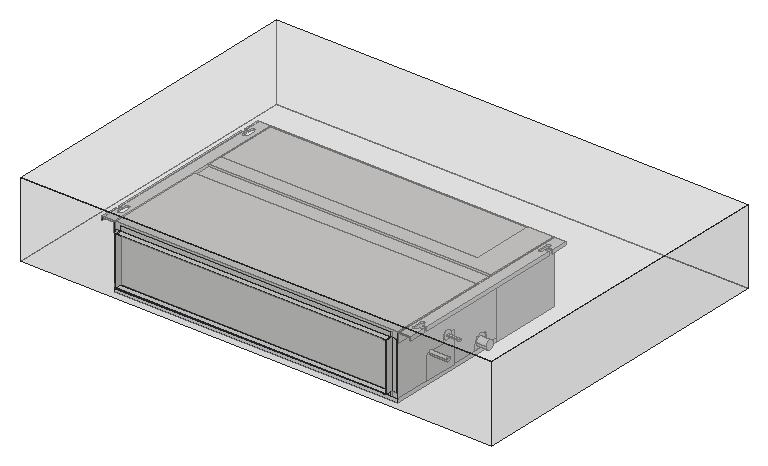
Revit family "outputfile", category 機械設備, Revit 2024
Family settings
  丸型コネクタ寸法 = 半径を使用
  パーツ タイプ = 標準
  OmniClass 番号 = 23.75.10.24.21.27.27
  OmniClass タイトル = Split System Air Conditioning Units
  作業面ベース = いいえ
  常に垂直 = はい
  ロード時にボイドで切り取り = いいえ
  注釈の向きを維持 = いいえ
  共有 = いいえ
  部屋計算ポイント = はい
Parameters (values of type "FXDQ50NDVT4")
  Description = ""
  製造元 = "Daikin"
  書き出し IFC クラス(タイプ) = "IfcUnitaryEquipmentType"
  定義済み IFC タイプ(タイプ) = "AIRCONDITIONINGUNIT"
  Cost = 0
  モデル = "FXDQ50NDVT4"
  Type Comments = ""
  Keynote = ""
  Type Image = (empty or 0)
  Assembly Code = ""
  w_pipe = 33.0 mm
  r_Liquid Pipe Size = Liquid Pipe Size / 2  # 3.2 mm
  r_Gas Pipe Size = Gas Pipe Size / 2  # 6.35 mm
  r_Drain Pipe Size = Drain Pipe Size / 2  # 10.0 mm
  lw_powersupply = 404.0 mm
  lw_ductflange2 = 820.0 mm
  lw_Width = 860.0 mm
  lh_suctionflange [instance] = if(Rear Connection_Return Air, 100.0 mm + [h***], 190.0 mm + [h***])  # 100.0 mm
  ld_suctionflange [instance] = if(Rear Connection_Return Air, 190.0 mm, 100.0 mm)  # 190.0 mm
  ld_powersupply = 60.0 mm
  angle_vertical_RA [instance] = if(Rear Connection_Return Air, 90.00°, 0.00°)  # 90.00°
  angle horizontal_RA [instance] = if(Rear Connection_Return Air, 180.00°, 270.00°)  # 180.00°
  Voltage_comment_60Hz = "220"
  Voltage_comment_50Hz = "220-240"
  Voltage_60Hz = 220 V
  Voltage_50Hz = 220 V
  URL = ""
  Supply Air Direction [instance] = yes
  Sound Power Level_H speed (dB) = 58
  Rear Connection_Return Air [instance] = not(Bottom Connection_Return Air)  # yes
  RA_length = 190.0 mm  # constant formula
  Phase_60Hz = 1
  Phase_50Hz = 1
  Minimum External Static Pressure = 15.00 Pa
  Minimum Circuit Amps_60Hz = 1.3 A
  Minimum Circuit Amps_50Hz = 1.0 A
  Maximum Fuse Amps_60Hz = 16.0 A
  Maximum Fuse Amps_50Hz = 16.0 A
  Maximum External Static Pressure = 44.00 Pa
  Material_Casing = DAIKIN_GalvanizedSteel_Casing_indoorunit
  lw_liquidpipe = 46.0 mm  # constant formula
  lw_gaspipe = 57.0 mm  # constant formula
  lw_mountinghole_pitch = 940.0 mm
  lw_mountinghole = 20.0 mm  # constant formula
  lw_drainpipe = 33.0 mm  # constant formula
  lh_powersupply = 10.0 mm
  lh_liquidpipe = 110.0 mm
  lh_gaspipe = 87.0 mm
  lh_mountinghole = Height + [h***]  # 200.0 mm
  lh_drainpipe = 150.0 mm
  lh_antena = 1.0 mm  # constant formula
  ld_liquidpipe = 193.0 mm  # constant formula
  ld_gaspipe = 130.0 mm  # constant formula
  ld_mountinghole_pitch = 0.0 mm  # constant formula
  ld_drainpipe = 280.0 mm
  ld_controlbox = 626.0 mm  # constant formula
  h*** = 0.0 mm  # constant formula
  d_dischargeflange = 21.2 mm  # constant formula
  Width = 900.0 mm
  Version = "ver.1.0"
  Unit Type = "Slim Duct (Standard) Type"
  Unit Mass Weight = 28.00 kg
  Unit Designation [instance] = ""
  Uniclass2015Version = "Products v1.30"
  Uniclass2015Title = "Variable refrigerant flow units"
  Uniclass2015Code = "Pr_70_65_03_94"
  Total Heating Capacity [instance] = 0.000 kW
  Total Cooling Capacity [instance] = 0.000 kW
  Sound Pressure Level_M speed (dBA) = 0
  Sound Pressure Level_L speed (dBA) = 27
  Sound Pressure Level_H speed (dBA) = 33
  Series = "VRV Fan Coil Unit"
  Sensible Cooling Capacity [instance] = 0.000 kW
  SA Duct Size Width = 860.0 mm
  SA Duct Size Height = 153.0 mm
  Refrigerant Type = "R410A"
  RA Duct Size Width = 800.0 mm
  RA Duct Size Height = 180.0 mm
  Power Input (Heating) = 0.152 kW
  Power Input (Cooling) = 0.152 kW
  Option Accessory 3 [instance] = ""
  Option Accessory 2 [instance] = ""
  Option Accessory 1 [instance] = ""
  Nominal Heating Capacity = 6.300 kW
  Nominal Cooling Capacity = 5.600 kW
  Minimum Airflow = 600.00 m³/h
  Median Airflow = 660.00 m³/h
  Maximum Airflow = 750.00 m³/h
  Load Classification = HVAC
  Liquid Pipe Size = 6.4 mm
  Link_Nested Family [instance] = ""
  IfcVersion = "0"
  IfcExportType = "AIRCONDITIONINGUNIT"
  IfcExportAs = "IfcUnitaryEquipmentType"
  Height = 200.0 mm
  Heating Entering Wet Bulb Temperature [instance] = 0.00 °C
  Heating Entering Dry Bulb Temperature [instance] = 0.00 °C
  Heating Ambient Wet Bulb Temperature [instance] = 0.00 °C
  Heating Ambient Dry Bulb Temperature [instance] = 0.00 °C
  Heat Exchanger Type = "Cross Fin Coil"
  Gas Pipe Size = 12.7 mm
  Frequency_60Hz = 60 Hz
  Frequency_50Hz = 50 Hz
  Fan Type = "Sirocco Fan"
  Fan Drive = "Direct Drive"
  FCU Tag No. [instance] = ""
  Drain Pipe Size = 20.0 mm
  Design Supply Airflow [instance] = 0.00 m³/h
  Design Return Airflow [instance] = 0.00 m³/h
  Design External Static Pressure [instance] = 0.00 Pa
  Depth = 620.0 mm
  既定の高さ = 0.0 mm
  Cooling Entering Wet Bulb Temperature [instance] = 0.00 °C
  Cooling Entering Dry Bulb Temperature [instance] = 0.00 °C
  Cooling Ambient Wet Bulb Temperature [instance] = 0.00 °C
  Cooling Ambient Dry Bulb Temperature [instance] = 0.00 °C
  Clearance visibility [instance] = yes
  Clearance Top = 20.0 mm
  Clearance Right = 300.0 mm
  Clearance Rear = 400.0 mm
  Clearance Left = 300.0 mm
  Clearance Front = 0.0 mm
  Clearance Bottom = 20.0 mm
  Bottom Connection_Return Air [instance] = no
Reference planes
  plane 1 "Center (Front/Back)": y = 0
  plane 2: z = 0
  plane 3 "Center (Left/Right)": x = 0
  plane 4 "Back": y = 310
  plane 5 "Front": y = -310
  plane 6 "Left": x = -450
  plane 7 "Right": x = 450
  plane 8 "Top": z = 0
  plane 9 "Bottom": z = -200
  plane 10: x = 330
  plane 11: x = -330
  plane 12: z = -190
  plane 13: z = -6
  plane 14: z = -22
  plane 15: z = -90
  plane 16: z = -113
  plane 17: x = -304
  plane 18: x = 304
  plane 19: x = -470
  plane 20: x = 470
  plane 21: y = 250
  plane 22: y = 250
  plane 23: x = -490
  plane 24: x = 390
  plane 25: x = 496
  plane 26: x = 507
  plane 27: x = 483
  plane 28: z = 0
  plane 29: z = -50
  plane 30 "Clearance Left": x = -750
  plane 31 "Clearance Right": x = 750
  plane 32 "Clearance Rear": y = 710
  plane 33 "Clearance Front": y = -310
  plane 34 "Clearance Top": z = 20
  plane 35 "Clearance Bottom": z = -220
  plane 36: z = -21
  plane 37: z = -170
  plane 38: z = -96.5
  plane 39: x = -40
  plane 40: y = -180
  plane 41: y = -117
  plane 42: y = -30
  plane 43: y = 20
  plane 44: z = -97.5
  plane 45: y = -309
  plane 46: x = -449
  plane 47: z = -100
  plane 48: z = -30
  plane 49: y = 210
  plane 50: z = 301
  plane 51: z = -199
  plane 52: y = 120
  plane 53: z = -101
  plane 54: x = 480
  plane 55: x = 445
  plane 56: x = 455
  plane 57: x = 451
  plane 58: x = 369
  plane 59: x = 449.004
  plane 60: x = -449
  plane 61: x = 404
  plane 62: z = -189
  plane 63: z = 102.5
Forms (mm)
  Extrusion 1, solid
    sketch origin (0, 0, 0) x (1, 0, 0) y (0, 0, 1)
      loop
        line (-450, -190) -> (-450, -200) -> (450, -200) -> (450, -190) -> (-450, -190)
    from -84 to 310
  Extrusion 2, solid, material "DAIKIN_GalvanizedSteel_Casing_indoorunit" <- "Material_Casing"
    sketch origin (0, 0, 0) x (1, 0, 0) y (0, 1, 0)
      loop
        line (-450, -309) -> (450, -309) -> (450, 310) -> (-450, 310) -> (-450, -309)
    from -200 to 0
  Extrusion 3, void
    sketch origin (0, 0, 1) x (1, 0, 0) y (0, 1, 0)
      loop
        line (-450, 62.179) -> (-450, 4.179) -> (450, 4.179) -> (450, 62.179) -> (-450, 62.179)
    from -1 to -7
  Extrusion 4, void
    sketch origin (0, 0, 0) x (0, 1, 0) y (0, 0, 1)
      loop
        line (-5, -190) -> (45, -190) -> (45, -170)
        arc (45, -170) -> (20, -145) -> (-5, -170) r 25
        line (-5, -170) -> (-5, -190)
    from 450 to 445
  Revolve 5, solid, material "DAIKIN_GalvanizedSteel_Casing_indoorunit" <- "Material_Casing"
    sketch origin (0, 0, -113) x (0, -1, 0) y (1, 0, 0)
      loop
        line (173.65, 451) -> (180, 451) -> (180, 507) -> (173.65, 507) -> (173.65, 451)
      axis (180, 451) -> (180, 507)
    angle from 0 to 360
  Revolve 6, solid, material "DAIKIN_GalvanizedSteel_Casing_indoorunit" <- "Material_Casing"
    sketch origin (0, 0, -90) x (0, -1, 0) y (1, 0, 0)
      loop
        line (117, 451) -> (117, 496) -> (113.8, 496) -> (113.8, 451) -> (117, 451)
      axis (117, 496) -> (117, 451)
    angle from 0 to 360
  Extrusion 7, solid, material "DAIKIN_GalvanizedSteel_Casing_indoorunit" <- "Material_Casing"
    sketch origin (0, 0, 0) x (0, 1, 0) y (0, 0, 1)
      loop
        circle (-116, -90) r 12.7
    from 450 to 455
  Extrusion 8, solid, material "DAIKIN_GalvanizedSteel_Casing_indoorunit" <- "Material_Casing"
    sketch origin (0, 0, 0) x (0, 1, 0) y (0, 0, 1)
      loop
        circle (20, -170) r 13
    from 480 to 445
  Extrusion 9, solid, material "DAIKIN_GalvanizedSteel_Casing_indoorunit" <- "Material_Casing"
    sketch origin (0, 0, 0) x (1, 0, 0) y (0, 0, 1)
      loop
        line (-450, -190) -> (-450, -200) -> (450, -200) -> (450, -190) -> (-450, -190)
    from -84 to 310
  Extrusion 10, solid, material "DAIKIN_GalvanizedSteel_Casing_indoorunit" <- "Material_Casing", visible <- "Bottom Connection_Return Air"
    sketch origin (0, 0, 0) x (1, 0, 0) y (0, 0, 1)
      loop
        line (369, -200) -> (369, -1) -> (-449, -1) -> (-449, -200) -> (369, -200)
    from -310 to -309
  Extrusion 11, void
    sketch origin (0, 0, 0) x (1, 0, 0) y (0, 0, 1)
      loop
        line (369, 0) -> (-449, 0) -> (-449, -1) -> (369, -1) -> (369, 0)
    from -310 to -111
  Extrusion 12, solid, material "DAIKIN_GalvanizedSteel_Casing_indoorunit" <- "Material_Casing", visible <- "Rear Connection_Return Air"
    sketch origin (0, 0, 0) x (1, 0, 0) y (0, 1, 0)
      loop
        line (-449, 310) -> (-449, 111) -> (369, 111) -> (369, 310) -> (-449, 310)
    from -200 to -199
  Extrusion 13, solid, material "DAIKIN_GalvanizedSteel_Casing_indoorunit" <- "Material_Casing"
    sketch origin (0, 0, 0) x (0, 1, 0) y (0, 0, 1)
      loop
        line (-194, -113) -> (-194, -190) -> (-88.3, -190) -> (-88.3, -90) -> (-103.3, -90)
        arc (-103.3, -90) -> (-116, -102.7) -> (-128.7, -90) r 12.7
        line (-128.7, -90) -> (-128.7, -113) -> (-173.65, -113)
        arc (-173.65, -113) -> (-180, -119.35) -> (-186.35, -113) r 6.35
        line (-186.35, -113) -> (-194, -113)
    from 451 to 450
  Extrusion 14, solid, material "DAIKIN_GalvanizedSteel_Casing_indoorunit" <- "Material_Casing"
    sketch origin (0, 0, 0) x (0, 1, 0) y (0, 0, 1)
      loop
        line (84, -199) -> (310, -199) -> (310, -22) -> (91, -22) -> (84, -29) -> (84, -199)
    from 451 to 450
Cuts and joins
  Extrusion 3, Extrusion 4, Extrusion 11 cuts Extrusion 2
  Extrusion 4 cuts Extrusion 1
  Extrusion 11 cuts Extrusion 9
Dimensions and locks
  "lh_powersupply": plane 12 to plane 9 "Bottom"
  locked: plane 8 "Top" to plane 13 at 6
  "Height": plane 8 "Top" to plane 9 "Bottom"
  equal spacing: plane 17, plane 3 "Center (Left/Right)", plane 18, locked at 304 each
  locked: plane 17 to plane 18 at 608
  equal spacing: plane 19, plane 3 "Center (Left/Right)", plane 20
  "lw_mountinghole_pitch": plane 19 to plane 20
  locked: plane 14 to plane 9 "Bottom" at 178
  "lw_mountinghole": plane 23 to plane 19
  "lh_liquidpipe": plane 15 to plane 9 "Bottom"
  "lh_gaspipe": plane 16 to plane 9 "Bottom"
  "lh_mountinghole": plane 28 to plane 9 "Bottom"
  "ld_mountinghole_pitch": plane 22 to plane 21
  equal spacing: plane 6 "Left", plane 3 "Center (Left/Right)", plane 7 "Right"
  "Width": plane 6 "Left" to plane 7 "Right"
  "lh_drainpipe": plane 29 to plane 9 "Bottom"
  "Clearance Right": plane 7 "Right" to plane 31 "Clearance Right"
  "Clearance Left": plane 30 "Clearance Left" to plane 6 "Left"
  "lw_gaspipe": plane 7 "Right" to plane 26
  "lw_liquidpipe": plane 7 "Right" to plane 25
  "lw_drainpipe": plane 7 "Right" to plane 27
  "Clearance Rear": plane 32 "Clearance Rear" to plane 4 "Back"
  "Clearance Front": plane 5 "Front" to plane 33 "Clearance Front"
  "Clearance Top": plane 34 "Clearance Top" to plane 8 "Top"
  "Clearance Bottom": plane 9 "Bottom" to plane 35 "Clearance Bottom"
  "ld_powersupply": plane 4 "Back" to plane 22
  locked: plane 8 "Top" to plane 36 at 21
  locked: plane 8 "Top" to plane 37 at 170
  locked: plane 40 to plane 41 at 63
  locked: plane 38 to plane 9 "Bottom" at 103.5
  locked: plane 36 to plane 44 at 76.5
  "Depth": plane 4 "Back" to plane 5 "Front"
  equal spacing: plane 4 "Back", plane 1 "Center (Front/Back)", plane 5 "Front"
  locked: plane 45 to plane 5 "Front" at 1
  locked: plane 46 to plane 6 "Left" at 1
  Extrusion 10 sketch curve to Extrusion 10 sketch curve = 199.0 mm
  locked: plane 12 to plane 47 at 90
  plane 32 "Clearance Rear" to Extrusion 10 = 401.0 mm
  locked: plane 48 to plane 35 "Clearance Bottom" at 190
  plane 50 to plane 28 = 301.0 mm
  locked: plane 51 to plane 9 "Bottom" at 1
  "ld_suctionflange": plane 4 "Back" to plane 52
  locked: plane 53 to plane 9 "Bottom" at 99
  locked: plane 7 "Right" to plane 54 at 30
  locked: plane 55 to plane 7 "Right" at 5
  locked: plane 7 "Right" to plane 56 at 5
  locked: plane 7 "Right" to plane 57 at 1
  plane 7 "Right" to plane 58 = 81.0 mm
  locked: plane 7 "Right" to plane 59 at 0.996
  locked: plane 60 to plane 6 "Left" at 1
  "lw_powersupply": plane 3 "Center (Left/Right)" to plane 61
  "r_Gas Pipe Size": nested 6 to Revolve 5 sketch curve
  "r_Liquid Pipe Size": nested 5 to Revolve 6 sketch curve
  locked: plane 62 to plane 9 "Bottom" at 11
  aligned and locked: level to plane 2
  aligned and locked: Extrusion 2 to plane 9 "Bottom"
  aligned and locked: plane 8 "Top" to Extrusion 2
  aligned and locked: Revolve 5 sketch curve to Revolve 5 sketch curve
  aligned and locked: plane 15 to Extrusion 7 sketch curve
  aligned and locked: cut or joined group of Extrusion 1, Extrusion 4 to plane 9 "Bottom"
  aligned and locked: plane 25 to nested 5
  aligned and locked: nested 5 to plane 15
  aligned and locked: nested 1 to plane 22
  aligned and locked: plane 20 to nested 2
  aligned and locked: plane 19 to nested 3
  aligned and locked: plane 22 to nested 4
  aligned and locked: nested 4 to plane 22
  aligned and locked: plane 19 to nested 4
  aligned and locked: nested 10 to plane 12
  aligned and locked: Extrusion 9 to plane 5 "Front"
  aligned and locked: Extrusion 9 to plane 9 "Bottom"
  aligned and locked: nested 6 to plane 16
  aligned and locked: plane 40 to nested 6
  aligned and locked: plane 41 to nested 5
  aligned and locked: Extrusion 8 sketch curve to plane 43
  aligned and locked: plane 4 "Back" to Extrusion 11
  aligned and locked: plane 8 "Top" to Extrusion 3
  aligned and locked: Extrusion 10 to cut or joined group of Extrusion 2, Extrusion 3, Extrusion 4, Extrusion 11
  aligned and locked: plane 9 "Bottom" to Extrusion 12  (x2)
  aligned and locked: Extrusion 12 to plane 51
  aligned and locked: Extrusion 11 to level
  aligned and locked: plane 32 "Clearance Rear" to nested 13
  aligned and locked: plane 31 "Clearance Right" to nested 13
  aligned and locked: plane 30 "Clearance Left" to nested 13
  aligned and locked: nested 13 to plane 33 "Clearance Front"
  aligned and locked: nested 13 to plane 34 "Clearance Top"
  aligned and locked: nested 13 to plane 35 "Clearance Bottom"
  aligned and locked: plane 7 "Right" to Extrusion 13  (x2)
  aligned and locked: plane 4 "Back" to Extrusion 14
  aligned and locked: Extrusion 14 to plane 51
  aligned and locked: plane 7 "Right" to Extrusion 14  (x2)
  aligned and locked: Extrusion 13 to Revolve 5 sketch curve
  aligned and locked: Extrusion 3 to plane 13
  aligned and locked: plane 52 to nested 14
  aligned and locked: Extrusion 7 to plane 7 "Right"
  aligned and locked: plane 7 "Right" to cut or joined group of Extrusion 2, Extrusion 3, Extrusion 4, Extrusion 11  (x3)
  aligned and locked: cut or joined group of Extrusion 2, Extrusion 3, Extrusion 4, Extrusion 11 to plane 55
  aligned and locked: Extrusion 8 to plane 55
  aligned and locked: plane 54 to Extrusion 8
  aligned and locked: plane 56 to Extrusion 7
  aligned and locked: plane 57 to Extrusion 14
  aligned and locked: Extrusion 13 to plane 57
  aligned and locked: plane 26 to nested 6
  aligned and locked: plane 58 to Extrusion 11 sketch curve
  aligned and locked: Extrusion 10 sketch curve to plane 58
  aligned and locked: plane 3 "Center (Left/Right)" to nested 15
  aligned and locked: Extrusion 12 to plane 58
  aligned and locked: plane 6 "Left" to nested 11
  aligned and locked: plane 8 "Top" to nested 15
  aligned and locked: plane 4 "Back" to nested 15
  aligned and locked: cut or joined group of Extrusion 2, Extrusion 3, Extrusion 4, Extrusion 11 to plane 45
  aligned and locked: nested 10 to plane 61
  aligned and locked: plane 20 to nested 1
  aligned and locked: plane 43 to nested 7
  aligned and locked: nested 7 to plane 37
  aligned and locked: plane 54 to nested 7
  aligned and locked: nested 9 to plane 1 "Center (Front/Back)"
  aligned and locked: plane 3 "Center (Left/Right)" to nested 9
  aligned and locked: nested 16 to plane 62
  aligned and locked: plane 13 to nested 16
  aligned and locked: nested 11 to plane 51
  aligned and locked: nested 12 to plane 51
  aligned and locked: plane 44 to nested 8
  aligned and locked: plane 45 to nested 16
  aligned and locked: level to plane 8 "Top"
Automatic sketch dimensions
  Extrusion 1 sketch curve to plane 6 "Left" = 0.0 mm
  Extrusion 1 sketch curve to plane 7 "Right" = 0.0 mm
  Extrusion 1 sketch curve to plane 9 "Bottom" = 0.0 mm
  Extrusion 1 sketch curve to plane 12 = 0.0 mm
  Extrusion 2 sketch curve to plane 4 "Back" = 0.0 mm
  Extrusion 2 sketch curve to plane 6 "Left" = 0.0 mm
  Extrusion 2 sketch curve to plane 7 "Right" = 0.0 mm
  Extrusion 2 sketch curve to plane 45 = 0.0 mm
  Extrusion 3 sketch curve to plane 6 "Left" = 0.0 mm
  Extrusion 3 sketch curve to plane 7 "Right" = 0.0 mm
  Extrusion 3 sketch curve to plane 1 "Center (Front/Back)" = 4.179 mm
  plane 43 to Extrusion 3 sketch curve = 42.179 mm
  Extrusion 4 sketch curve to plane 37 = 0.0 mm
  Extrusion 4 sketch curve to plane 12 = 0.0 mm
  Extrusion 4 sketch curve to plane 43 = 0.0 mm
  plane 1 "Center (Front/Back)" to Extrusion 4 sketch curve = 5.0 mm
  plane 41 to Extrusion 7 sketch curve = 1.0 mm
  Extrusion 8 sketch curve to plane 37 = 0.0 mm
  Extrusion 9 sketch curve to plane 6 "Left" = 0.0 mm
  Extrusion 9 sketch curve to plane 7 "Right" = 0.0 mm
  Extrusion 9 sketch curve to plane 9 "Bottom" = 0.0 mm
  Extrusion 9 sketch curve to plane 12 = 0.0 mm
  plane 46 to Extrusion 10 sketch curve = 0.0 mm
  plane 46 to Extrusion 11 sketch curve = 0.0 mm
  Extrusion 11 sketch curve to plane 8 "Top" = 1.0 mm
  Extrusion 12 sketch curve to plane 46 = 0.0 mm
  Extrusion 12 sketch curve to plane 4 "Back" = 0.0 mm
  plane 18 to Extrusion 12 sketch curve = 65.0 mm
  plane 43 to Extrusion 12 sketch curve = 91.0 mm
  plane 35 "Clearance Bottom" to Extrusion 11 sketch curve = 220.0 mm
  Extrusion 10 sketch curve to plane 51 = 1.0 mm
  Extrusion 13 sketch curve to plane 12 = 0.0 mm
  Extrusion 13 sketch curve to plane 16 = 0.0 mm
  Extrusion 13 sketch curve to plane 40 = 0.0 mm
  Extrusion 13 sketch curve to plane 15 = 0.0 mm
  Extrusion 13 sketch curve to Extrusion 13 sketch curve = 6.35 mm
  Extrusion 13 sketch curve to Extrusion 13 sketch curve = 7.65 mm
  Extrusion 13 sketch curve to plane 41 = 11.7 mm
  plane 41 to Extrusion 13 sketch curve = 1.0 mm
  Extrusion 13 sketch curve to Extrusion 13 sketch curve = 27.7 mm
  Extrusion 14 sketch curve to plane 51 = 0.0 mm
  Extrusion 14 sketch curve to plane 14 = 0.0 mm
  plane 48 to Extrusion 14 sketch curve = 1.0 mm
  plane 43 to Extrusion 14 sketch curve = 64.0 mm
  Extrusion 14 sketch curve to Extrusion 14 sketch curve = 7.0 mm
  Extrusion 14 sketch curve to plane 4 "Back" = 0.0 mm
  Revolve 5 sketch curve to plane 26 = 0.0 mm
  Revolve 5 sketch curve to plane 40 = 0.0 mm
  Revolve 5 sketch curve to Revolve 5 sketch curve = 1.003 mm
  plane 26 to Revolve 5 sketch curve = 1.003 mm
  Revolve 6 sketch curve to plane 41 = 0.0 mm  (x2)
  Revolve 6 sketch curve to plane 25 = 0.0 mm  (x2)
  Revolve 6 sketch curve to plane 57 = 0.0 mm  (x2)
  radius of Extrusion 7 sketch curve = 12.7 mm
  radius of Extrusion 8 sketch curve = 13.0 mm
Nested families
  nested 1: "daikin_mountinghole" at (470, 250, -200), l_antenna <- "lh_antena", Link_Nested Family <- "Link_Nested Family", h_mountinghole <- "lh_mountinghole", type "daikin_mountinghole"
    with show yes, l_antenna 1.0 mm, h_mountinghole 200.0 mm, Link_Nested Family ""
  nested 2: "daikin_mountinghole" at (470, -250, -200), Link_Nested Family <- "Link_Nested Family", l_antenna <- "lh_antena", h_mountinghole <- "lh_mountinghole", type "daikin_mountinghole"
    with show yes, l_antenna 1.0 mm, h_mountinghole 200.0 mm, Link_Nested Family ""
  nested 3: "daikin_mountinghole" at (-470, -250, -200), l_antenna <- "lh_antena", Link_Nested Family <- "Link_Nested Family", h_mountinghole <- "lh_mountinghole", type "daikin_mountinghole"
    with show yes, l_antenna 1.0 mm, h_mountinghole 200.0 mm, Link_Nested Family ""
  nested 4: "daikin_mountinghole" at (-470, 250, -200), l_antenna <- "lh_antena", Link_Nested Family <- "Link_Nested Family", h_mountinghole <- "lh_mountinghole", type "daikin_mountinghole"
    with show yes, l_antenna 1.0 mm, h_mountinghole 200.0 mm, Link_Nested Family ""
  nested 5: "daikin_connector_rotate2" at (450, -117, -90) x (0, 1, 0) z (0, 0, 1), length <- "lw_liquidpipe", built-in parameter 1001364 <- "lh_liquidpipe", radius <- "r_Liquid Pipe Size", type "daikin_connector_rotate2"
    with radius 3.2 mm, length 46.0 mm, angle_vertical 90.00°, show_face no
  nested 6: "daikin_connector_rotate2" at (450, -180, -113) x (0, 1, 0) z (0, 0, 1), length <- "lw_gaspipe", built-in parameter 1001364 <- "lh_gaspipe", radius <- "r_Gas Pipe Size", type "daikin_connector_rotate2"
    with radius 6.35 mm, length 57.0 mm, angle_vertical 90.00°, show_face no
  nested 7: "daikin_connector_rotate2" at (447, 20, -170) x (0, 1, 0) z (0, 0, 1), built-in parameter 1001364 <- "lh_drainpipe", length <- "lw_drainpipe", radius <- "r_Drain Pipe Size", type "daikin_connector_rotate2"
    with radius 10.0 mm, length 33.0 mm, angle_vertical 90.00°, show_face no
  nested 8: "daikin_connector_rotate2" at (0, -309, -97.5), length <- "d_dischargeflange", type "daikin_connector_rotate2"
    with radius 10.0 mm, length 21.2 mm, angle_vertical 90.00°, show_face no
  nested 9: "daikin_△_symbolicline" at (-75, -129.904, 200) x (-0.5, 0.866, 0) z (0, 0, 1), built-in parameter 1001364 <- "Height", visible <- "Supply Air Direction", type "daikin_△_symbolicline"
    with length 300.0 mm
  nested 10: "daikin_connector_rotate2" at (404, 250, -190) x (-1, 0, 0) z (0, 0, 1), built-in parameter 1001364 <- "lw_powersupply", length <- "ld_powersupply", type "daikin_connector_rotate2"
    with radius 10.0 mm, length 60.0 mm, angle_vertical 90.00°, show_face no
  nested 11: "daikin_ductflange_FXDQ-NDVT4_2" at (-40, 310, -100), visible <- "Rear Connection_Return Air", material <- "Material_Casing", width <- "lw_ductflange2", type "daikin_ductflange_FXDQ-NDVT4_2"
    with width 820.0 mm, material DAIKIN_GalvanizedSteel_Casing_indoorunit, height 180.0 mm, depth 21.2 mm
  nested 12: "daikin_ductflange_FXDQ-NDVT4_2" at (-40, 210, -200) x (1, 0, 0) z (0, 1, 0), visible <- "Bottom Connection_Return Air", material <- "Material_Casing", width <- "lw_ductflange2", type "daikin_ductflange_FXDQ-NDVT4_2"
    with width 820.0 mm, material DAIKIN_GalvanizedSteel_Casing_indoorunit, height 180.0 mm, depth 21.2 mm
  nested 13: "daikin_clearancespace" at (0, 200, -99.881), visible <- "Clearance visibility", show <- "Clearance visibility", Link_Nested Family <- "Link_Nested Family", type "daikin_clearancespace"
    with width 1500.0 mm, show yes, height 240.0 mm, depth 1020.0 mm, Link_Nested Family ""
  nested 14: "daikin_connector_rotate3" at (-40, 120, -100), built-in parameter 1001364 <- "lh_suctionflange", angle_vertical <- "angle_vertical_RA", angle_horizontal <- "angle horizontal_RA", length <- "RA_length", type "daikin_connector_rotate3"
    with show no, radius 10.0 mm, length 190.0 mm, angle_vertical 90.00°, angle_horizontal 180.00°
  nested 15: "daikin_hangerfixture_FXDQ-NDVT4" at (0, 0.5, 0), type "daikin_hangerfixture_FXDQ-NDVT4"
  nested 16: "daikin_ductflange_FXDQ-NDVT4_1" at (0, 4.5, -364.201), width <- "lw_Width", material <- "Material_Casing", type "daikin_ductflange_FXDQ-NDVT4_1"
    with width 860.0 mm, material DAIKIN_GalvanizedSteel_Casing_indoorunit, height 155.0 mm, depth 21.2 mm
Connectors
  piping at (507, -180, -113), diameter 12.7, driven by "r_Gas Pipe Size"
    settings: on nested 6, index 1, connector inside diameter 609.6 mm, connector length 0.0 mm, flow factor 0, pipe flow 0.00 m³/h, pressure drop 0.0 Pa, fitting loss kfactor 0, connector angle 0.00°, fixture units 0, engagement length 0.0 mm, angle of deflection 0.00°, flow configuration 1, flow direction 2, fitting loss method 0, system type 29, joint type 0, gender type 0, connector reference index -1, connector utility 0, adjustable connector no, is connector primary yes, connector description "Refrigerant Gas Piping"
  piping at (496, -117, -90), diameter 6.4, driven by "r_Liquid Pipe Size"
    settings: on nested 5, index 2, connector inside diameter 609.6 mm, connector length 0.0 mm, flow factor 0, pipe flow 0.00 m³/h, pressure drop 0.0 Pa, fitting loss kfactor 0, connector angle 0.00°, fixture units 0, engagement length 0.0 mm, angle of deflection 0.00°, flow configuration 1, flow direction 1, fitting loss method 0, system type 29, joint type 0, gender type 0, connector reference index -1, connector utility 0, adjustable connector no, is connector primary no, connector description "Refrigerant Liquid Piping"
  piping at (480, 20, -170), diameter 20, driven by "r_Drain Pipe Size"
    settings: on nested 7, index 3, connector inside diameter 609.6 mm, connector length 0.0 mm, flow factor 0, pipe flow 0.00 m³/h, pressure drop 0.0 Pa, fitting loss kfactor 0, connector angle 0.00°, fixture units 0, engagement length 0.0 mm, angle of deflection 0.00°, flow configuration 1, flow direction 2, fitting loss method 4, system type 16, joint type 0, gender type 0, connector reference index -1, connector utility 0, adjustable connector no, is connector primary no, connector description "Condensate Drain Piping"
  hvac at (0, -330.2, -97.5), driven by "SA Duct Size Height", driven by "SA Duct Size Width"
    settings: on nested 8, index 7, duct flow 0.00 m³/h, flow factor 0, pres drop 0.00 Pa, loss coef 0, conn angle 0.00°, conn width 860.0 mm, conn height 153.0 mm, conn diameter 609.6 mm, duct sys type 1, conn prof type 1, flow config 0, flow direction 2, loss method 4, conn ref index -1, conn util no, is conn primary yes, conn desc "SA Duct"
  electrical at (404, 310, -190), driven by "Load Classification"
    settings: on nested 10, index 9, voltage 0 V, apparent load 0 VA, apparent load phase1 0 VA, apparent load phase2 0 VA, apparent load phase3 0 VA, power factor 1, load classification "HVAC", number of poles 1, system type 30, power factor state 1, is connector primary yes, connector utility no, sub classification motor no, connector description "Power Supply"
  hvac at (-40, 310, -100), driven by "RA Duct Size Height", driven by "RA Duct Size Width"
    settings: on nested 14, index 10, duct flow 0.00 m³/h, flow factor 0, pres drop 0.00 Pa, loss coef 0, conn angle 0.00°, conn width 800.0 mm, conn height 180.0 mm, conn diameter 609.6 mm, duct sys type 2, conn prof type 1, flow config 0, flow direction 1, loss method 4, conn ref index -1, conn util no, is conn primary no, conn desc "RA Duct"
Definition of nested family "daikin_ductflange_FXDQ-NDVT4_2"
  Parameters (values of type "daikin_ductflange_FXDQ-PDVE2")
    width [instance] = 620.0 mm
    material [instance] = none
    height [instance] = 180.0 mm
    depth [instance] = 21.2 mm
    Default Elevation = 0.0 mm
  Reference planes
    plane 1 "Center (Front/Back)": y = 0
    plane 2: z = 0
    plane 3 "Center (Left/Right)": x = 0
    plane 4: y = -313.5
    plane 5: y = -334.7
    plane 6: x = -310
    plane 7: x = 310
    plane 8: z = 90
    plane 9: z = -90
    plane 10: z = 100
    plane 11: z = -100
    plane 12: x = -309
    plane 13: x = 309
  Forms (mm)
    Extrusion 1, solid, material <- "material"
      sketch origin (0, 0, 0) x (1, 0, 0) y (0, 0, 1)
        loop
          line (-300, 90) -> (-300, -90) -> (300, -90) -> (300, 90) -> (-300, 90)
        loop
          line (-309, -99) -> (309, -99) -> (309, 99) -> (-309, 99) -> (-309, -99)
      from 0 to 1
  Dimensions and locks
    plane 4 to plane 1 "Center (Front/Back)" = 313.5 mm
    "depth": plane 5 to plane 4
    equal spacing: plane 7, plane 3 "Center (Left/Right)", plane 6, locked at 310 each
    "width": plane 7 to plane 6
    equal spacing: plane 8, level, plane 9, locked at 90 each
    "height": plane 8 to plane 9
    equal spacing: plane 10, level, plane 11, locked at 100 each
    locked: plane 10 to plane 11 at 200
    plane 12 to plane 6 = 1.0 mm
    locked: plane 7 to plane 13 at 1
    locked: Extrusion 1 sketch curve to Extrusion 1 sketch curve at 9  (x4)
    locked: plane 10 to Extrusion 1 sketch curve at 1
    locked: Extrusion 1 sketch curve to plane 11 at 1
    aligned and locked: level to plane 2
  Automatic sketch dimensions
    plane 6 to Extrusion 1 sketch curve = 1.0 mm
    Extrusion 1 sketch curve to plane 7 = 1.0 mm
Definition of nested family "daikin_clearancespace"
  Parameters (values of type "daikin_clearancespace")
    width [instance] = 1823.963 mm
    show [instance] = yes
    material = none
    height [instance] = 1359.762 mm
    depth [instance] = 880.0 mm
    Default Elevation = 0.0 mm
    Link_Nested Family [instance] = ""
  Reference planes
    plane 1 "Center (Front/Back)": y = 0
    plane 2 "Center (Elevation)": z = -0.119
    plane 3 "Center (Left/Right)": x = 0
    plane 4: y = 440
    plane 5: y = -440
    plane 6 "Right": x = 911.982
    plane 7 "Left": x = -911.982
    plane 8 "Top": z = 679.762
    plane 9 "Bottom": z = -680
  Forms (mm)
    Extrusion 1, solid, material <- "material", visible <- "show"
      sketch origin (0, 0, 0) x (1, 0, 0) y (0, 1, 0)
        loop
          line (-911.982, 440) -> (-911.982, -440) -> (911.982, -440) -> (911.982, 440) -> (-911.982, 440)
      from -680 to 679.762
  Lines and regions (mm)
    symbolic lines, visible <- "show"
      curve 1: line (911.982, 440, 0) -> (-911.982, 440, 0)
      curve 2: line (-911.982, 440, 0) -> (-911.982, -440, 0)
      curve 3: line (-911.982, -440, 0) -> (911.982, -440, 0)
      curve 4: line (911.982, -440, 0) -> (911.982, 440, 0)
      curve 5: line (911.982, 0, 679.762) -> (-911.982, 0, 679.762)
      curve 6: line (911.982, 0, -680) -> (911.982, 0, 679.762)
      curve 7: line (-911.982, 0, -680) -> (911.982, 0, -680)
      curve 8: line (-911.982, 0, 679.762) -> (-911.982, 0, -680)
      curve 9: line (0, 440, 679.762) -> (0, -440, 679.762)
      curve 10: line (0, -440, 679.762) -> (0, -440, -680)
      curve 11: line (0, 440, -680) -> (0, 440, 679.762)
      curve 12: line (0, -440, -680) -> (0, 440, -680)
  Dimensions and locks
    "width": plane 7 "Left" to plane 6 "Right"
    "depth": plane 4 to plane 5
    "height": plane 8 "Top" to plane 9 "Bottom"
    equal spacing: plane 7 "Left", plane 3 "Center (Left/Right)", plane 6 "Right"
    equal spacing: plane 4, plane 1 "Center (Front/Back)", plane 5
    equal spacing: plane 8 "Top", plane 2 "Center (Elevation)", plane 9 "Bottom"
    aligned and locked: level to plane 2 "Center (Elevation)"
    aligned and locked: Extrusion 1 sketch curve to plane 4
    aligned and locked: plane 7 "Left" to Extrusion 1 sketch curve
    aligned and locked: Extrusion 1 sketch curve to plane 5
    aligned and locked: Extrusion 1 sketch curve to plane 6 "Right"
    aligned and locked: plane 8 "Top" to Extrusion 1
    aligned and locked: curve 1 to Extrusion 1
    aligned and locked: curve 2 to Extrusion 1
    aligned and locked: curve 3 to Extrusion 1
    aligned and locked: curve 4 to Extrusion 1
    aligned and locked: curve 5 to Extrusion 1
    aligned and locked: curve 6 to Extrusion 1
    aligned and locked: curve 7 to Extrusion 1
    aligned and locked: curve 8 to Extrusion 1
    aligned and locked: curve 9 to Extrusion 1
    aligned and locked: curve 10 to Extrusion 1
    aligned and locked: curve 11 to Extrusion 1
    aligned and locked: curve 12 to Extrusion 1
    aligned and locked: Extrusion 1 to plane 9 "Bottom"
Definition of nested family "daikin_hangerfixture_FXDQ-NDVT4"
  Parameters (values of type "daikin_hangerfixture_FXDQ-PDVE")
    width = 900.0 mm
    material = none
    height = 30.0 mm
    depth = 619.0 mm
    Default Elevation = 0.0 mm
  Reference planes
    plane 1 "Center (Front/Back)": y = 0
    plane 2: z = 0
    plane 3 "Center (Left/Right)": x = 0
    plane 4: x = 450
    plane 5: y = 309.5
    plane 6: y = -309.5
    plane 7: x = -450
    plane 8: z = -30
  Forms (mm)
    Extrusion 1, solid, material <- "material"
      sketch origin (0, 0, 0) x (1, 0, 0) y (0, 0, 1)
        loop
          line (450, 0) -> (450, -30) -> (452.3, -30) -> (452.3, -2.3) -> (487.7, -2.3) -> (487.7, -10) -> (490, -10) -> (490, 0) -> (450, 0)
      from -309.5 to 309.5
    Extrusion 2, void
      sketch origin (0, 0, 0) x (0, 1, 0) y (0, 0, 1)
        loop
          line (309.5, -30) -> (309.5, -17.979) -> (87.935, -17.979) -> (75.914, -30) -> (309.5, -30)
      from 0 to 550
    Extrusion 3, void
      sketch origin (0, 0, 0) x (1, 0, 0) y (0, 1, 0)
        loop
          line (490, -244) -> (477, -244) -> (477, -237.5)
          arc (477, -237.5) -> (470, -230.5) -> (463, -237.5) r 7
          line (463, -237.5) -> (463, -263.5)
          arc (463, -263.5) -> (470, -270.5) -> (477, -263.5) r 7
          line (477, -263.5) -> (477, -257) -> (490, -257) -> (490, -244)
        loop
          line (490, 243) -> (490, 256) -> (477, 256) -> (477, 262.5)
          arc (477, 262.5) -> (470, 269.5) -> (463, 262.5) r 7
          line (463, 262.5) -> (463, 236.5)
          arc (463, 236.5) -> (470, 229.5) -> (477, 236.5) r 7
          line (477, 236.5) -> (477, 243) -> (490, 243)
      from -254.96 to 618
    Extrusion 4, solid, material <- "material"
      sketch origin (0, 0, 0) x (-1, 0, 0) y (0, 0, -1)
        loop
          line (450, 0) -> (490, 0) -> (490, 10) -> (487.7, 10) -> (487.7, 2.3) -> (452.3, 2.3) -> (452.3, 30) -> (450, 30) -> (450, 0)
      from -309.5 to 309.5
    Extrusion 5, void
      sketch origin (0, 0, 0) x (-1, 0, 0) y (0, -1, 0)
        loop
          line (490, 244) -> (490, 257) -> (477, 257) -> (477, 263.5)
          arc (477, 263.5) -> (470, 270.5) -> (463, 263.5) r 7
          line (463, 263.5) -> (463, 237.5)
          arc (463, 237.5) -> (470, 230.5) -> (477, 237.5) r 7
          line (477, 237.5) -> (477, 244) -> (490, 244)
        loop
          line (490, -243) -> (477, -243) -> (477, -236.5)
          arc (477, -236.5) -> (470, -229.5) -> (463, -236.5) r 7
          line (463, -236.5) -> (463, -262.5)
          arc (463, -262.5) -> (470, -269.5) -> (477, -262.5) r 7
          line (477, -262.5) -> (477, -256) -> (490, -256) -> (490, -243)
      from -254.96 to 618
  Cuts and joins
    Extrusion 2, Extrusion 3, Extrusion 5 cuts Extrusion 1
    Extrusion 5 cuts Extrusion 4
  Dimensions and locks
    equal spacing: plane 5, plane 1 "Center (Front/Back)", plane 6
    "depth": plane 5 to plane 6
    plane 6 to plane 1 "Center (Front/Back)" to plane 5 = 309.5 mm, 309.5 mm
    equal spacing: plane 4, plane 3 "Center (Left/Right)", plane 7
    "width": plane 4 to plane 7
    "height": level to plane 8
    locked: plane 4 to Extrusion 2 at 100
    aligned and locked: level to plane 2
    aligned and locked: plane 5 to Extrusion 1
    aligned and locked: Extrusion 1 to plane 6
    aligned and locked: Extrusion 1 to plane 4
    aligned and locked: plane 5 to cut or joined group of Extrusion 1, Extrusion 2, Extrusion 3, Extrusion 5
    aligned and locked: cut or joined group of Extrusion 1, Extrusion 2, Extrusion 3, Extrusion 5 to plane 6
    aligned and locked: level to cut or joined group of Extrusion 1, Extrusion 2, Extrusion 3, Extrusion 5
    aligned and locked: cut or joined group of Extrusion 1, Extrusion 2, Extrusion 3, Extrusion 5 to plane 8
    aligned and locked: plane 5 to cut or joined group of Extrusion 4, Extrusion 5
    aligned and locked: cut or joined group of Extrusion 4, Extrusion 5 to plane 6
  Automatic sketch dimensions
    Extrusion 1 sketch curve to plane 4 = 0.0 mm
    Extrusion 1 sketch curve to plane 8 = 0.0 mm
    Extrusion 1 sketch curve to level = 0.0 mm
    plane 4 to Extrusion 1 sketch curve = 2.3 mm
    Extrusion 1 sketch curve to level = 2.3 mm
    Extrusion 1 sketch curve to Extrusion 1 sketch curve = 35.4 mm
    Extrusion 1 sketch curve to Extrusion 1 sketch curve = 2.3 mm
    Extrusion 1 sketch curve to Extrusion 1 sketch curve = 7.7 mm
    Extrusion 2 sketch curve to plane 8 = 0.0 mm
    Extrusion 2 sketch curve to plane 5 = 0.0 mm
    plane 8 to Extrusion 2 sketch curve = 12.021 mm
    Extrusion 2 sketch curve to plane 1 "Center (Front/Back)" = 87.935 mm
    Extrusion 2 sketch curve to Extrusion 2 sketch curve = 12.021 mm
    plane 4 to Extrusion 3 sketch curve = 13.0 mm  (x2)
    Extrusion 3 sketch curve to Extrusion 3 sketch curve = 7.0 mm  (x4)
    Extrusion 3 sketch curve to Extrusion 3 sketch curve = 13.0 mm  (x4)
    plane 6 to Extrusion 3 sketch curve = 46.0 mm
    Extrusion 3 sketch curve to Extrusion 3 sketch curve = 6.5 mm  (x4)
    Extrusion 3 sketch curve to plane 5 = 73.0 mm
    Extrusion 4 sketch curve to plane 7 = 0.0 mm
    Extrusion 4 sketch curve to plane 8 = 0.0 mm
    Extrusion 4 sketch curve to level = 0.0 mm
    Extrusion 4 sketch curve to plane 7 = 2.3 mm
    Extrusion 4 sketch curve to level = 2.3 mm
    Extrusion 4 sketch curve to Extrusion 4 sketch curve = 35.4 mm
    Extrusion 4 sketch curve to Extrusion 4 sketch curve = 2.3 mm
    Extrusion 4 sketch curve to Extrusion 4 sketch curve = 7.7 mm
    Extrusion 5 sketch curve to plane 7 = 13.0 mm  (x2)
    Extrusion 5 sketch curve to Extrusion 5 sketch curve = 7.0 mm  (x4)
    Extrusion 5 sketch curve to Extrusion 5 sketch curve = 13.0 mm  (x4)
    Extrusion 5 sketch curve to plane 5 = 47.0 mm
    Extrusion 5 sketch curve to Extrusion 5 sketch curve = 6.5 mm  (x4)
    plane 6 to Extrusion 5 sketch curve = 72.0 mm
Definition of nested family "daikin_ductflange_FXDQ-NDVT4_1"
  Parameters (values of type "daikin_ductflange_FXDQ-NDVET")
    width [instance] = 860.0 mm
    material [instance] = none
    height [instance] = 155.0 mm
    depth [instance] = 21.2 mm
    Default Elevation = 0.0 mm
  Reference planes
    plane 1 "Center (Front/Back)": y = 0
    plane 2: z = 189.201
    plane 3 "Center (Left/Right)": x = 0
    plane 4: y = -313.5
    plane 5: x = -430
    plane 6: x = 430
    plane 7: y = -334.7
    plane 8: z = 344.201
    plane 9: z = 266.701
    plane 10: z = 343.201
    plane 11: z = 190.201
  Forms (mm)
    Extrusion 1, solid, material <- "material"
      sketch origin (0, 0, 189.201) x (1, 0, 0) y (0, 1, 0)
        loop
          line (-430, -334.7) -> (-430, -313.5) -> (-448, -313.5) -> (-448, -314.5) -> (-431, -314.5) -> (-431, -334.7) -> (-430, -334.7)
        loop
          line (430, -334.7) -> (431, -334.7) -> (431, -314.5) -> (448, -314.5) -> (448, -313.5) -> (430, -313.5) -> (430, -334.7)
      from 1 to 154
    Extrusion 2, solid, material <- "material"
      sketch origin (0, 0, 0) x (0, 1, 0) y (0, 0, 1)
        loop
          line (-313.5, 343.201) -> (-313.5, 358.201) -> (-314.5, 358.201) -> (-314.5, 344.201) -> (-334.7, 344.201) -> (-334.7, 343.201) -> (-313.5, 343.201)
        loop
          line (-313.5, 190.201) -> (-334.7, 190.201) -> (-334.7, 189.201) -> (-314.5, 189.201) -> (-314.5, 175.201) -> (-313.5, 175.201) -> (-313.5, 190.201)
      from -430 to 430
  Dimensions and locks
    plane 4 to plane 1 "Center (Front/Back)" = 313.5 mm
    "depth": plane 7 to plane 4
    equal spacing: plane 8, plane 9, level
    "height": plane 8 to level
    equal spacing: plane 6, plane 3 "Center (Left/Right)", plane 5
    "width": plane 6 to plane 5
    plane 5 to plane 6 = 860.0 mm
    locked: plane 8 to plane 10 at 1
    locked: plane 11 to level at 1
    locked: Extrusion 1 to Extrusion 2 sketch curve at 1
    locked: Extrusion 2 sketch curve to Extrusion 1 at 1
    locked: Extrusion 1 sketch curve to Extrusion 1 sketch curve at 1
    locked: Extrusion 1 sketch curve to plane 5 at 18
    locked: Extrusion 1 to plane 5 at 18
    locked: plane 6 to Extrusion 1 at 18
    locked: plane 5 to Extrusion 1 at 18
    locked: Extrusion 1 to plane 6 at 18
    aligned and locked: level to plane 2
    aligned and locked: Extrusion 2 to plane 5
    aligned and locked: Extrusion 2 to plane 11
    aligned and locked: Extrusion 2 to plane 10
    aligned and locked: plane 6 to Extrusion 2
    aligned and locked: plane 5 to Extrusion 2  (x2)
    aligned and locked: plane 5 to Extrusion 1  (x2)
    aligned and locked: Extrusion 1 to plane 6
    aligned and locked: plane 6 to Extrusion 1
    aligned and locked: Extrusion 1 to plane 10
  Automatic sketch dimensions
    Extrusion 1 sketch curve to plane 4 = 0.0 mm  (x2)
    Extrusion 1 sketch curve to plane 7 = 0.0 mm  (x2)
    plane 5 to Extrusion 1 sketch curve = 0.0 mm
    Extrusion 1 sketch curve to plane 5 = 1.0 mm
    plane 6 to Extrusion 1 sketch curve = 1.0 mm
    Extrusion 2 sketch curve to plane 7 = 0.0 mm  (x2)
    Extrusion 2 sketch curve to plane 4 = 0.0 mm  (x2)
    Extrusion 2 sketch curve to plane 11 = 0.0 mm
    Extrusion 2 sketch curve to plane 10 = 0.0 mm
    Extrusion 2 sketch curve to plane 4 = 1.0 mm  (x2)
    Extrusion 2 sketch curve to level = 14.0 mm
    plane 8 to Extrusion 2 sketch curve = 14.0 mm
    Extrusion 1 sketch curve to Extrusion 1 sketch curve = 17.0 mm
    Extrusion 1 sketch curve to plane 4 = 1.0 mm
    Extrusion 1 sketch curve to plane 6 = 0.0 mm
Definition of nested family "daikin_mountinghole"
  Parameters (values of type "daikin_mountinghole")
    Default Elevation = 1219.2 mm
    Type Comments = "mountinghole"
    show [instance] = yes
    material = none
    l_centerline = 100.0 mm
    l_antenna [instance] = 100.0 mm
    h_mountinghole [instance] = 0.0 mm
    d_circle = 30.0 mm
    Link_Nested Family [instance] = ""
  Reference planes
    plane 1 "Center (Front/Back)": y = 0
    plane 2: z = 0
    plane 3 "Center (Left/Right)": x = 0
    plane 4: y = 50
    plane 5: x = -50
    plane 6: x = 50
    plane 7: y = -50
    plane 8 "h_mountinghole": z = 0
    plane 9: z = 100
  Lines and regions (mm)
    model lines, detail levels fine
      curve 1: circle (0, 0, 0) r 15 normal (0, 0, 1)
      curve 2: line (-50, 0, 0) -> (50, 0, 0)
      curve 3: line (0, 50, 0) -> (0, -50, 0)
    symbolic lines, detail levels fine
      curve 4: circle (0, 0, 0) r 15 normal (0, 0, 1)
      curve 5: line (-50, 0, 0) -> (50, 0, 0)
      curve 6: line (0, 50, 0) -> (0, -50, 0)
    model lines
      curve 7: line (0, 0, 100) -> (0, 0, 0)
  Dimensions and locks
    equal spacing: plane 4, plane 1 "Center (Front/Back)", plane 7
    "l_centerline": plane 4 to plane 7
    equal spacing: plane 5, plane 3 "Center (Left/Right)", plane 6
    "l_centerline": plane 5 to plane 6
    "l_antenna": plane 9 to plane 8 "h_mountinghole"
    "h_mountinghole": plane 8 "h_mountinghole" to plane 2
    "d_circle": diameter of curve 1
    "d_circle": diameter of curve 4
    aligned and locked: level to plane 2
    aligned and locked: plane 1 "Center (Front/Back)" to curve 1
    aligned and locked: plane 3 "Center (Left/Right)" to curve 1
    aligned and locked: plane 1 "Center (Front/Back)" to curve 2
    aligned and locked: curve 3 to plane 3 "Center (Left/Right)"
    aligned and locked: plane 6 to curve 2
    aligned and locked: plane 5 to curve 2
    aligned and locked: plane 4 to curve 3
    aligned and locked: plane 7 to curve 3
    aligned and locked: plane 1 "Center (Front/Back)" to curve 4
    aligned and locked: plane 3 "Center (Left/Right)" to curve 4
    aligned and locked: plane 6 to curve 5
    aligned and locked: plane 5 to curve 5
    aligned and locked: plane 1 "Center (Front/Back)" to curve 5
    aligned and locked: plane 4 to curve 6
    aligned and locked: plane 7 to curve 6
    aligned and locked: curve 6 to plane 3 "Center (Left/Right)"
    aligned and locked: curve 7 to plane 3 "Center (Left/Right)"
    aligned and locked: plane 9 to curve 7
    aligned and locked: plane 8 "h_mountinghole" to curve 7
Definition of nested family "daikin_connector_rotate2"
  Parameters (values of type "daikin_connector_rotate2")
    show_face = yes
    radius [instance] = 10.0 mm
    length [instance] = 600.0 mm
    d_surface = 10.0 mm
    angle_vertical [instance] = 90.00°
    Default Elevation = 0.0 mm
  Reference planes
    plane 1 "Center (Front/Back)": y = 0
    plane 2: z = 0
    plane 3 "Center (Left/Right)": x = 0
  Forms (mm)
    Extrusion 1, solid, visible <- "show_face"
      sketch origin (0, -600, 0) x (1, 0, 0) y (0, 0, 1)
        loop
          circle (0, 0) r 10
      from 0 to -10
  Lines and regions (mm)
    reference lines
      curve 1: line (0, 0, 0) -> (0, -600, 0)
    symbolic lines
      curve 2: circle (0, 0, 0) r 5 normal (0, 0, 1)
    model lines, visible <- "show_face"
      curve 3: line (0, 0, 0) -> (0, -600, 0)
  Dimensions and locks
    "length": curve 1 to curve 1
    "length": curve 3 to curve 3
    "d_surface": Extrusion 1 to Extrusion 1
    "radius": radius of Extrusion 1 sketch curve
    "angle_vertical": angle curve 1 to plane 1 "Center (Front/Back)"
    "angle_vertical": angle curve 3 to plane 1 "Center (Front/Back)"
    aligned and locked: level to plane 2
    aligned and locked: plane 1 "Center (Front/Back)" to curve 1
    aligned and locked: plane 2 to curve 1
    aligned and locked: plane 1 "Center (Front/Back)" to curve 2
    aligned and locked: plane 3 "Center (Left/Right)" to curve 2
    aligned and locked: plane 1 "Center (Front/Back)" to curve 3
    aligned and locked: plane 2 to curve 3
    aligned and locked: Extrusion 1 to Extrusion 1
  Automatic sketch dimensions
    Extrusion 1 sketch curve to level = 0.0 mm
    Extrusion 1 sketch curve to plane 3 "Center (Left/Right)" = 0.0 mm
    radius of curve 2 = 5.0 mm
Definition of nested family "daikin_△_symbolicline"
  Parameters (values of type "daikin_△_symbolicline")
    length [instance] = 500.0 mm
    Default Elevation = 0.0 mm
  Reference planes
    plane 1 "Center (Front/Back)": y = 0
    plane 2: z = 0
    plane 3 "Center (Left/Right)": x = 0
  Lines and regions (mm)
    symbolic lines
      curve 1: line (0, -433.013, 0) -> (250, 0, 0)
      curve 2: line (250, 0, 0) -> (-250, 0, 0)
      curve 3: line (-250, 0, 0) -> (0, -433.013, 0)
  Dimensions and locks
    equal spacing: curve 3, plane 3 "Center (Left/Right)", curve 2
    "length": curve 3 to curve 2
    "length": curve 3 to curve 3
    "length": curve 1 to curve 1
    aligned and locked: level to plane 2
    aligned and locked: curve 2 to plane 1 "Center (Front/Back)"
    aligned and locked: plane 3 "Center (Left/Right)" to curve 3
Definition of nested family "daikin_connector_rotate3"
  Parameters (values of type "daikin_connector_rotate3")
    Default Elevation = 1219.2 mm
    show [instance] = yes
    radius [instance] = 10.0 mm
    length [instance] = 600.0 mm
    angle_horizontal [instance] = 60.00°
    angle_vertical [instance] = 90.00°
  Reference planes
    plane 1 "Center (Front/Back)": y = 0
    plane 2: z = 0
    plane 3 "Center (Left/Right)": x = 0
  Dimensions and locks
    "angle_horizontal": angle plane 3 "Center (Left/Right)" to nested 1
    aligned and locked: level to plane 2
    aligned and locked: plane 1 "Center (Front/Back)" to nested 1  (x2)
    aligned and locked: plane 3 "Center (Left/Right)" to nested 1
  Nested families
    nested 1: "daikin_connector_rotate2" at (0, 0, 0) x (0.5, 0.866, 0) z (0, 0, 1), angle_vertical <- "angle_vertical", length <- "length", radius <- "radius", type "daikin_connector_rotate2"
      with radius 10.0 mm, length 600.0 mm, angle_vertical 90.00°
  Definition of nested family "daikin_connector_rotate2"
    Parameters (values of type "daikin_connector_rotate2")
      show_face = yes
      radius [instance] = 10.0 mm
      length [instance] = 600.0 mm
      d_surface = 10.0 mm
      angle_vertical [instance] = 90.00°
      Default Elevation = 0.0 mm
    Reference planes
      plane 1 "Center (Front/Back)": y = 0
      plane 2: z = 0
      plane 3 "Center (Left/Right)": x = 0
    Forms (mm)
      Extrusion 1, solid, visible <- "show_face"
        sketch origin (0, -600, 0) x (1, 0, 0) y (0, 0, 1)
          loop
            circle (0, 0) r 10
        from 0 to -10
    Lines and regions (mm)
      reference lines
        curve 1: line (0, 0, 0) -> (0, -600, 0)
      symbolic lines
        curve 2: circle (0, 0, 0) r 5 normal (0, 0, 1)
      model lines, visible <- "show_face"
        curve 3: line (0, 0, 0) -> (0, -600, 0)
    Dimensions and locks
      "length": curve 1 to curve 1
      "length": curve 3 to curve 3
      "d_surface": Extrusion 1 to Extrusion 1
      "radius": radius of Extrusion 1 sketch curve
      "angle_vertical": angle curve 1 to plane 1 "Center (Front/Back)"
      "angle_vertical": angle curve 3 to plane 1 "Center (Front/Back)"
      aligned and locked: level to plane 2
      aligned and locked: plane 1 "Center (Front/Back)" to curve 1
      aligned and locked: plane 2 to curve 1
      aligned and locked: plane 1 "Center (Front/Back)" to curve 2
      aligned and locked: plane 3 "Center (Left/Right)" to curve 2
      aligned and locked: plane 1 "Center (Front/Back)" to curve 3
      aligned and locked: plane 2 to curve 3
      aligned and locked: Extrusion 1 to Extrusion 1
    Automatic sketch dimensions
      Extrusion 1 sketch curve to level = 0.0 mm
      Extrusion 1 sketch curve to plane 3 "Center (Left/Right)" = 0.0 mm
      radius of curve 2 = 5.0 mm
